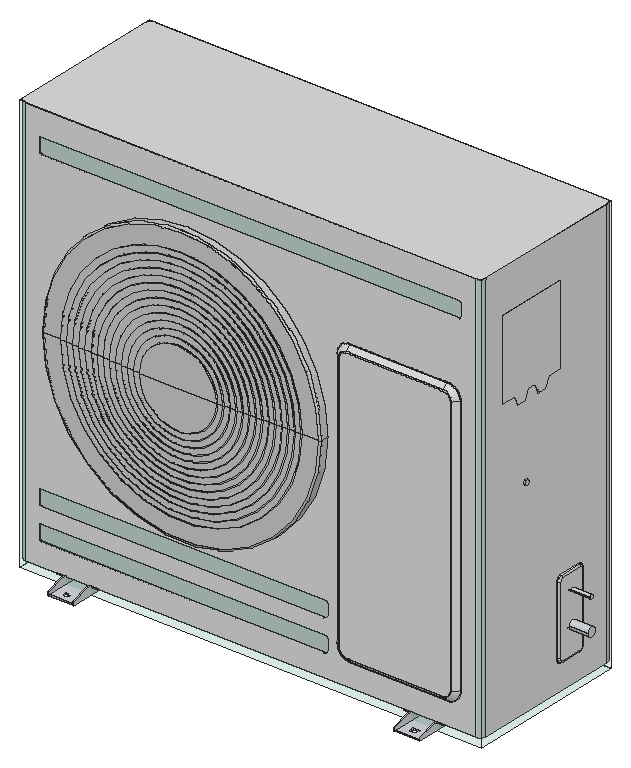
Revit family "EU_SINGLE_ODU_P_Ver.1.0", category Mechanical Equipment, Revit 2016
Family settings
  Part Type = Normal
  Round Connector Dimension = Use Diameter
  OmniClass Number = 23.75.00.00
  OmniClass Title = Climate Control (HVAC)
  Work Plane-Based = No
  Always vertical = Yes
  Cut with Voids When Loaded = No
  Shared = No
  Room Calculation Point = No
Parameters (values of type "Single Heat Pump, 7.1kW, 220-240, R32, AC071RNCDKG/EU")
  Water Flow Rate(HEATING) [instance] = "0.00 LPM"
  Water Flow Rate(COOLING) [instance] = "0.00 LPM"
  Water Connection Radius [instance] = "0.00 Φ, mm"
  Refrigerant High Pressure Gas Connection Radius [instance] = 0.00 mm
  Refrigerant High Pressure Gas Connection Left [instance] = 0.00 mm
  Refrigerant High Pressure Gas Connection Diameter [instance] = "0.00 mm"
  Refrigerant High Pressure Gas Connection Bottom [instance] = 0.00 mm
  Model/Referance Indoor Unit [instance] = "AC071RNCDKG/EU"
  Model = "AC071RXADKG/EU"
  Voltage [instance] = "220 V"
  URL = "www.samsung.com"
  Total Heating Capacity [instance] = 8.0 kW
  Total Cooling Capacity [instance] = 7.1 kW
  System Served = ""
  Subscribe for Update Alerts = ""
  Sound Pressure(Cooling) [instance] = "49.00 dB(A)"
  Sound Power(Cooling) [instance] = "65.00 dB(A)"
  Simultaneous Cooling and Heating Efficiency(SCOP) [instance] = "3.9 (A) SCOP"
  Serial Number = ""
  Sales Rep Locator = ""
  Refrigerant Type = "R32"
  Refrigerant Suction Gas Connection Radius [instance] = Refrigerant Suction Gas Connection Diameter / 2  # 7.94 mm
  Refrigerant Suction Gas Connection Offset Left [instance] = 208.678 mm
  Refrigerant Suction Gas Connection Offset Bottom [instance] = 121.50 mm
  Refrigerant Suction Gas Connection Diameter [instance] = 15.88 mm
  Refrigerant Liquid Connection Radius [instance] = Refrigerant Liquid Connection Diameter / 2  # 3.175 mm
  Refrigerant Liquid Connection Offset Left [instance] = 208.678 mm
  Refrigerant Liquid Connection Offset Bottom [instance] = 181.50 mm
  Refrigerant Liquid Connection Diameter [instance] = 6.35 mm
  Refrigerant Charge [instance] = 1.70 kg
  Product Page URL = ""
  Product Name [instance] = "Single"
  Product Documentation Link = ""
  Power Input Heationg [instance] = 3.05 kW
  Power Input Cooling [instance] = 2.87 kW
  Phase [instance] = "1"
  Operating Mode [instance] = "Heat pump"
  Number of poles [instance] = "-"
  Notes = ""
  Net Weight = 53.00 kg
  Minimum Circuit Ampere(MCA) [instance] = 17.5 A
  Maximum Vertical Refrigerant Pipe Length Below Unit [instance] = 30.00 mm
  Maximum Vertical Refrigerant Pipe Length Above Unit [instance] = 30.00 mm
  Maximum Rated Over Protection Device [instance] = "Fuse"
  Maximum Over Protection(MFA) [instance] = 20.6 A
  Max OperationPressure [instance] = "0.00 Mpa"
  Manufacturer Metadata = ""
  Manufacturer = "SAMSUNG"
  Low Temperature Heating Standard Rating Capacity [instance] = 0.0 kW
  Low Temperature Coefficient of Performance [instance] = "-"
  Location = ""
  Length of Interconnecting Refrigerant Pipe [instance] = 0.00 mm
  Integrated Energy Efficiency Ratio(SEER) [instance] = "5.6 (A++) CSPF"
  High Temperature Cooling Standard Rating Capacity [instance] = 0.0 kW
  High Temperature Coefficient of Performance [instance] = "-"
  Friction Head Loss [instance] = "0.00 kPa"
  Frequency [instance] = 50 Hz
  Free Content Downloads = ""
  Family Load Status [instance] = "Valid - Type loaded via type catalog"
  External Static Pressure [instance] = "0.00 mmAq"
  Equipment Finish [instance] = Ivory
  Energy Efficiency Rating [instance] = "2.47 EER"
  Discharge Air Flow [instance] = "51.00 CMM"
  Designation = ""
  Design Ambient Winter Wet Bulb Temperature [instance] = 6 °C
  Design Ambient Winter Dry Bulb Temperature [instance] = 7 °C
  Design Ambient Summer Dry Bulb Temperature [instance] = 35 °C
  Design Ambient Heating Water Outlet Temperature [instance] = "0.00 ℃"
  Design Ambient Heating Water Inlet Temperature [instance] = "0.00 ℃"
  Design Ambient Cooling Water Outlet Temperature [instance] = "0.00 ℃"
  Design Ambient Cooling Water Inlet Temperature [instance] = "0.00 ℃"
  Current Input Cooling [instance] = 12.4 A
  Current Input Heating [instance] = 13.2 A
  Net Dimensions Width [instance] = 880.00 mm
  Net Dimensions Heigh [instance] = 798.00 mm
  Net Dimensions Depth [instance] = 310.00 mm
  Power Connection Offset Left [instance] = 101.01 mm
  Power Connection Offset Bottom [instance] = 410.93 mm
  Power Connection Diameter [instance] = 7.413 mm
  Condenser Type [instance] = "-"
  Compressor Type [instance] = "Twin BLDC"
  Combination Ratio [instance] = "0 %"
  Coefficient of Performance [instance] = "2.62 COP"
  Clearance Value Instructions [instance] = "Enter clearance values based on project installation conditions using the relevant technical data book\r\nEnter clearance values based on project installation conditions using the relevant technical data book"
  Clearance Type [instance] = Include Clearance : Include Clearance
  Clearance Offset Top [instance] = 0.00 mm
  Clearance Offset Right [instance] = 0.00 mm
  Clearance Offset Left [instance] = 0.00 mm
  Clearance Offset Front [instance] = 0.00 mm
  Clearance Offset Back [instance] = 0.00 mm
  Actual Vertical Refrigerant Pipe Length Below Unit [instance] = 0.00 mm
  Actual Vertical Refrigerant Pipe Length Above Unit [instance] = 0.00 mm
Types (10, lengths in mm): name | Water Flow Rate(HEATING) | Water Flow Rate(COOLING) | Water Connection Radius | Refrigerant High Pressure Gas Connection Diameter | Model/Referance Indoor Unit | Model | Voltage | Total Heating Capacity | Total Cooling Capacity | Sound Power(Cooling) | Simultaneous Cooling and Heating Efficiency(SCOP) | Refrigerant Type | Refrigerant Charge | Product Name | Power Input Heationg | Power Input Cooling | Operating Mode | Minimum Circuit Ampere(MCA) | Maximum Vertical Refrigerant Pipe Length Below Unit | Maximum Vertical Refrigerant Pipe Length Above Unit | Maximum Over Protection(MFA) | Max OperationPressure | Integrated Energy Efficiency Ratio(SEER) | Friction Head Loss | Equipment Finish | Energy Efficiency Rating | Design Ambient Heating Water Outlet Temperature | Design Ambient Heating Water Inlet Temperature | Design Ambient Cooling Water Outlet Temperature | Design Ambient Cooling Water Inlet Temperature | Current Input Cooling | Current Input Heating | Condenser Type | Compressor Type | Coefficient of Performance
  (no name) | "0.00 LPM" | "0.00 LPM" | "0.00 Φ, mm" | "0.00 mm" | "AC071RNCDKG/EU" | "AC071RXADKG/EU" | "220 V" | 8.0 kW | 7.1 kW | "65.00 dB(A)" | "3.9 (A) SCOP" | "R32" | 1.70 kg | "Single" | 3.05 kW | 2.87 kW | "Heat pump" | 17.5 A | 30.00 | 30.00 | 20.6 A | "0.00 Mpa" | "5.6 (A++) CSPF" | "0.00 kPa" | Ivory | "2.47 EER" | "0.00 ℃" | "0.00 ℃" | "0.00 ℃" | "0.00 ℃" | 12.4 A | 13.2 A | "-" | "Twin BLDC" | "2.62 COP"
  6.80 kW, 220-240V, HEAT PUMP(구모델) | "" | "" | "" | "" | "" | "AC071MXADKH/EU" | "220-240 V" | 0.0 kW | 6.8 kW | "65.00 dB(A)" | "-" | "R410A" | 1.50 kg | "SINGLE OUTDOOR P" | 0 kW | 0 kW | "HEAT PUMP" | 0 A | 0.00 | 0.00 | 0 A | "" | "-" | "" | Ivory | "0.00 EER" | "" | "" | "" | "" | 0 A | 0 A | "" | "Twin BLDC Rotary" | "0.00 COP"
  6.80 kW, 220-240V, HEAT PUMP(신모델) | "" | "" | "" | "0.00 mm" | "" | "AC071MXASEH/EU" | "220-240 V" | 7.5 kW | 6.8 kW | "51.00 dB(A)" | "-" | "R410A" | 1.50 kg | "SINGLE P" | 2.35 kW | 2.3 kW | "HEAT PUMP" | 23.5 A | 30.00 | 30.00 | 25 A | "" | "-" | "" | Ivory | "2.96 EER" | "" | "" | "" | "" | 10.5 A | 10.4 A | "" | "Twin BLDC Rotary" | "3.19 COP"
  Single Heat Pump, 7.1kW, 220-240, R32, AC071RNNDKG/EU | "0.00 LPM" | "0.00 LPM" | "0.00 Φ, mm" | "0.00 mm" | "AC071RNNDKG/EU" | "AC071RXADKG/EU" | "220 V" | 7.5 kW | 6.8 kW | "65.00 dB(A)" | "3.8 (A) SCOP" | "R32" | 1.70 kg | "Single" | 2.8 kW | 2.75 kW | "Heat pump" | 17.5 A | 30.00 | 30.00 | 20.6 A | "0.00 Mpa" | "6.1 (A++) CSPF" | "0.00 kPa" | Earth brown | "2.47 EER" | "0.00 ℃" | "0.00 ℃" | "0.00 ℃" | "0.00 ℃" | 12 A | 12 A | "-" | "Twin BLDC" | "2.68 COP"
  Single Heat Pump, 7.1kW, 220-240, R32, AC071RN4DKG/EU | "0.00 LPM" | "0.00 LPM" | "0.00 Φ, mm" | "0.00 mm" | "AC071RN4DKG/EU" | "AC071RXADKG/EU" | "220 V" | 8.0 kW | 7.1 kW | "65.00 dB(A)" | "4.2 (A+) SCOP" | "R32" | 1.70 kg | "Single" | 2.45 kW | 2.38 kW | "Heat pump" | 17.5 A | 30.00 | 30.00 | 20.6 A | "0.00 Mpa" | "6.7 (A++) CSPF" | "0.00 kPa" | Ivory | "2.98 EER" | "0.00 ℃" | "0.00 ℃" | "0.00 ℃" | "0.00 ℃" | 10.3 A | 10.7 A | "-" | "Twin BLDC" | "3.27 COP"
  Single Heat Pump, 7.1kW, 220-240, R32, AC071RN4PKG/EU | "0.00 LPM" | "0.00 LPM" | "0.00 Φ, mm" | "0.00 mm" | "AC071RN4PKG/EU" | "AC071RXADKG/EU" | "220 V" | 8.0 kW | 7.1 kW | "65.00 dB(A)" | "4.2 (A+) SCOP" | "R32" | 1.70 kg | "Single" | 2.48 kW | 2.73 kW | "Heat pump" | 18 A | 30.00 | 30.00 | 20.6 A | "0.00 Mpa" | "6.7 (A++) CSPF" | "0.00 kPa" | Ivory | "2.6 EER" | "0.00 ℃" | "0.00 ℃" | "0.00 ℃" | "0.00 ℃" | 11.8 A | 10.7 A | "-" | "Twin BLDC" | "3.23 COP"
  Single Heat Pump, 7.1kW, 220-240, R32, AC071RNLDKG/EU | "0.00 LPM" | "0.00 LPM" | "0.00 Φ, mm" | "0.00 mm" | "AC071RNLDKG/EU" | "AC071RXADKG/EU" | "220 V" | 8.0 kW | 7.1 kW | "65.00 dB(A)" | "3.9 (A) SCOP" | "R32" | 1.70 kg | "Single" | 2.38 kW | 2.38 kW | "Heat pump" | 18.2 A | 30.00 | 30.00 | 20.6 A | "0.00 Mpa" | "6.0 (A+) CSPF" | "0.00 kPa" | Ivory | "2.98 EER" | "0.00 ℃" | "0.00 ℃" | "0.00 ℃" | "0.00 ℃" | 10.5 A | 10.4 A | "-" | "Twin BLDC" | "3.36 COP"
  Single Heat Pump, 7.1kW, 220-240, R32, AC071RNMDKG/EU | "0.00 LPM" | "0.00 LPM" | "0.00 Φ, mm" | "0.00 mm" | "AC071RNMDKG/EU" | "AC071RXADKG/EU" | "220 V" | 8.0 kW | 6.8 kW | "65.00 dB(A)" | "4.0 (A+) SCOP" | "R32" | 1.70 kg | "Single" | 2.5 kW | 2.32 kW | "Heat pump" | 19 A | 30.00 | 30.00 | 20.9 A | "0.00 Mpa" | "6.1 (A++) CSPF" | "0.00 kPa" | Ivory | "2.93 EER" | "0.00 ℃" | "0.00 ℃" | "0.00 ℃" | "0.00 ℃" | 10.4 A | 10.8 A | "-" | "Twin BLDC" | "3.2 COP"
  Single Heat Pump, 7.1kW, 220-240, R32, AC071RNADKG/EU | "0.00 LPM" | "0.00 LPM" | "0.00 Φ, mm" | "0.00 mm" | "AC071RNADKG/EU" | "AC071RXADKG/EU" | "220 V" | 8.0 kW | 7.1 kW | "65.00 dB(A)" | "4.0 (A+) SCOP" | "R32" | 1.70 kg | "Single" | 2.45 kW | 2.35 kW | "Heat pump" | 18.1 A | 30.00 | 30.00 | 20.6 A | "0.00 Mpa" | "6.4 (A++) CSPF" | "0.00 kPa" | Ivory | "3.02 EER" | "0.00 ℃" | "0.00 ℃" | "0.00 ℃" | "0.00 ℃" | 10.3 A | 10.7 A | "-" | "Twin BLDC" | "3.27 COP"
  Single Heat Pump, 7.1kW, 220-240, R32, AC071RNCDKG/EU | "0.00 LPM" | "0.00 LPM" | "0.00 Φ, mm" | "0.00 mm" | "AC071RNCDKG/EU" | "AC071RXADKG/EU" | "220 V" | 8.0 kW | 7.1 kW | "65.00 dB(A)" | "3.9 (A) SCOP" | "R32" | 1.70 kg | "Single" | 3.05 kW | 2.87 kW | "Heat pump" | 17.5 A | 30.00 | 30.00 | 20.6 A | "0.00 Mpa" | "5.6 (A++) CSPF" | "0.00 kPa" | Ivory | "2.47 EER" | "0.00 ℃" | "0.00 ℃" | "0.00 ℃" | "0.00 ℃" | 12.4 A | 13.2 A | "-" | "Twin BLDC" | "2.62 COP"
Reference planes
  plane 1 "Center (Front/Back)": y = 0
  plane 2: z = 0
  plane 3 "Center (Left/Right)": x = 0
  plane 4 "c": x = -440
  plane 5 "d": x = 440
  plane 6: x = -329.514
  plane 7: x = 330.712
  plane 8 "1": z = 428.174
  plane 9: x = -119.774
  plane 10: y = 54.771
  plane 11 "2": z = 181.5
  plane 12 "3": z = 121.5
  plane 13: z = 410.933
  plane 14 "b": y = -155
  plane 15 "a": y = 155
  plane 16: z = 798
  plane 17: y = -199.628
  plane 18: y = -153.908
  plane 19: z = 410.93
  plane 20: x = 541.01
  plane 21: z = 410.93
Forms (mm)
  Extrusion 1, solid, material "기본값1"
    sketch origin (0, 0, 0) x (1, 0, 0) y (0, 1, 0)
      loop
        arc (-428.57, 155) -> (-436.652, 151.652) -> (-440, 143.57) r 11.43
        line (-440, 143.57) -> (-440, -143.57)
        arc (-440, -143.57) -> (-436.652, -151.652) -> (-428.57, -155) r 11.43
        line (-428.57, -155) -> (428.584, -155)
        arc (428.584, -155) -> (436.463, -151.851) -> (440, -144.138) r 11.43
        line (440, -144.138) -> (440, 142.435)
        arc (440, 142.435) -> (437.101, 151.24) -> (428.626, 155) r 11.43
        line (428.626, 155) -> (-428.57, 155)
    from 15.6 to 798
  Extrusion 2, solid
    sketch origin (0, 0, 0) x (1, 0, 0) y (0, 1, 0)
      loop
        line (-353.357, 175.965) -> (-353.357, -195.036) -> (-306.747, -195.036) -> (-306.747, 175.965) -> (-353.357, 175.965)
      loop
        line (353.479, 175.965) -> (306.868, 175.965) -> (306.868, -195.036) -> (353.479, -195.036) -> (353.479, 175.965)
    from 0 to 2
  Extrusion 3, solid
    sketch origin (0, 0, 0) x (1, 0, 0) y (0, 0, 1)
      loop
        line (-369.294, 15.6) -> (-369.294, 14) -> (-355.104, 14) -> (-355.104, 15.6) -> (-369.294, 15.6)
      loop
        line (-290.81, 15.6) -> (-305, 15.6) -> (-305, 14) -> (-290.81, 14) -> (-290.81, 15.6)
      loop
        line (290.932, 15.6) -> (290.932, 14) -> (305.121, 14) -> (305.121, 15.6) -> (290.932, 15.6)
      loop
        line (369.416, 15.6) -> (355.226, 15.6) -> (355.226, 14) -> (369.416, 14) -> (369.416, 15.6)
    from -155 to 155
  Extrusion 4, solid
    sketch origin (0, 0, 0) x (0, 1, 0) y (0, 0, 1)
      loop
        line (-195.036, 5) -> (-195.036, 0) -> (177.021, 0) -> (177.021, 4.931) -> (142.88, 15.6) -> (-161.116, 15.6) -> (-195.036, 5)
    from 353.479 to 355.226
  Extrusion 5, solid
    sketch origin (-48.357, 0.079, 0) x (0, 1, 0) y (0, 0, 1)
      loop
        line (-195.036, 5) -> (-195.036, 0) -> (177.021, 0) -> (177.021, 4.931) -> (142.88, 15.6) -> (-161.116, 15.6) -> (-195.036, 5)
    from 353.479 to 355.226
  Extrusion 6, solid
    sketch origin (0.121, 0, 0) x (0, 1, 0) y (0, 0, -1)
      loop
        line (-195.036, -5) -> (-161.116, -15.6) -> (142.88, -15.6) -> (177.021, -4.931) -> (177.021, 0) -> (-195.036, 0) -> (-195.036, -5)
    from 353.479 to 355.226
  Extrusion 7, solid
    sketch origin (48.479, 0.079, 0) x (0, 1, 0) y (0, 0, -1)
      loop
        line (-195.036, -5) -> (-161.116, -15.6) -> (142.88, -15.6) -> (177.021, -4.931) -> (177.021, 0) -> (-195.036, 0) -> (-195.036, -5)
    from 353.479 to 355.226
  Extrusion 8, void
    sketch origin (0, 0, 0) x (1, 0, 0) y (0, 1, 0)
      loop
        arc (-323.514, 160.947) -> (-329.514, 166.947) -> (-335.514, 160.947) r 6
        line (-335.514, 160.947) -> (-335.514, 156.918) -> (-323.514, 156.918) -> (-323.514, 160.947)
    from -33.724 to 26.6
  Extrusion 9, void
    sketch origin (1.191, 0, 0) x (-1, 0, 0) y (0, -1, 0)
      loop
        line (-323.635, -162.019) -> (-323.635, -156.918) -> (-335.635, -156.918) -> (-335.635, -162.019)
        arc (-335.635, -162.019) -> (-329.635, -168.019) -> (-323.635, -162.019) r 6
    from -33.724 to 26.6
  Extrusion 10, void
    sketch origin (0, -18.909, 0) x (1, 0, 0) y (0, 1, 0)
      loop
        line (-323.514, -160.947) -> (-323.514, -156.918) -> (-335.514, -156.918) -> (-335.514, -160.947)
        arc (-335.514, -160.947) -> (-329.514, -166.947) -> (-323.514, -160.947) r 6
    from -33.724 to 26.6
  Extrusion 11, void
    sketch origin (1.191, -16.794, 0) x (-1, 0, 0) y (0, -1, 0)
      loop
        arc (-323.635, 162.019) -> (-329.635, 168.019) -> (-335.635, 162.019) r 6
        line (-335.635, 162.019) -> (-335.635, 156.918) -> (-323.635, 156.918) -> (-323.635, 162.019)
    from -33.724 to 26.6
  Revolve 12, solid, material "기본값2"
    sketch origin (0, 0, 428.174) x (0, -1, 0) y (1, 0, 0)
      loop
        line (155, -385.655) -> (167.929, -385.655)
        arc (167.929, -385.655) -> (170.091, -384.76) -> (170.987, -382.598) r 3.058
        line (170.987, -382.598) -> (170.987, -349.57) -> (171.487, -348.704) -> (171.487, -337.511) -> (171.987, -336.645) -> (171.987, -325.493) -> (172.487, -324.627) -> (172.487, -313.499) -> (172.987, -312.633) -> (172.987, -301.474) -> (173.487, -300.608) -> (173.487, -289.441) -> (173.987, -288.575) -> (173.987, -277.493) -> (174.487, -276.627) -> (174.487, -265.461) -> (174.987, -264.747) -> (174.987, -253.46) -> (175.486, -252.821) -> (175.486, -241.442) -> (175.987, -240.802) -> (175.987, -229.459) -> (176.487, -228.819) -> (176.487, -217.464) -> (176.987, -216.75) -> (176.987, -205.435) -> (177.487, -204.721) -> (177.487, -193.482) -> (177.987, -192.768) -> (177.987, -119.774) -> (155, -119.774) -> (155, -385.655)
      axis (177.987, -119.774) -> (155, -119.774)
    angle from 0 to 360
  Extrusion 13, void
    sketch origin (0, 0, 0) x (1, 0, 0) y (0, 0, 1)
      loop
        line (-403, 745.45) -> (-403, 724.45)
        arc (-403, 724.45) -> (-401.536, 720.914) -> (-398, 719.45) r 5
        line (-398, 719.45) -> (396.994, 719.45)
        arc (396.994, 719.45) -> (400.53, 720.914) -> (401.994, 724.45) r 5
        line (401.994, 724.45) -> (401.994, 745.45)
        arc (401.994, 745.45) -> (400.53, 748.986) -> (396.994, 750.45) r 5
        line (396.994, 750.45) -> (-398, 750.45)
        arc (-398, 750.45) -> (-401.536, 748.986) -> (-403, 745.45) r 5
      loop
        line (-403, 144.046) -> (-403, 123.046)
        arc (-403, 123.046) -> (-401.536, 119.51) -> (-398, 118.046) r 5
        line (-398, 118.046) -> (143, 118.046)
        arc (143, 118.046) -> (146.536, 119.51) -> (148, 123.046) r 5
        line (148, 123.046) -> (148, 144.046)
        arc (148, 144.046) -> (146.536, 147.581) -> (143, 149.046) r 5
        line (143, 149.046) -> (-398, 149.046)
        arc (-398, 149.046) -> (-401.536, 147.581) -> (-403, 144.046) r 5
      loop
        line (143, 89.846) -> (-398, 89.846)
        arc (-398, 89.846) -> (-401.536, 88.381) -> (-403, 84.846) r 5
        line (-403, 84.846) -> (-403, 63.846)
        arc (-403, 63.846) -> (-401.536, 60.31) -> (-398, 58.846) r 5
        line (-398, 58.846) -> (143, 58.846)
        arc (143, 58.846) -> (146.536, 60.31) -> (148, 63.846) r 5
        line (148, 63.846) -> (148, 84.846)
        arc (148, 84.846) -> (146.536, 88.381) -> (143, 89.846) r 5
    from 153.908 to 199.628
  Extrusion 14, solid, material "기본값1"
    sketch origin (0, 0, 0) x (1, 0, 0) y (0, 0, 1)
      loop
        arc (190, 591.932) -> (180.396, 587.954) -> (176.418, 578.35) r 13.582
        line (176.418, 578.35) -> (176.418, 83.846)
        arc (176.418, 83.846) -> (180.396, 74.242) -> (190, 70.264) r 13.582
        line (190, 70.264) -> (375, 70.264)
        arc (375, 70.264) -> (384.604, 74.242) -> (388.582, 83.846) r 13.582
        line (388.582, 83.846) -> (388.582, 578.35)
        arc (388.582, 578.35) -> (384.604, 587.954) -> (375, 591.932) r 13.582
        line (375, 591.932) -> (190, 591.932)
    from 155 to 165
  Extrusion 15, solid
    sketch origin (459.529, 0, 0) x (0, 0, -1) y (0, -1, 0)
      loop
        circle (-410.933, 52.898) r 3.706
    from 14.353 to 19.529
  Sweep 16, solid, material "기본값1"
    path origin (0, -155, 0) x (0, 0, -1) y (1, 0, 0)
      loop
        line (-591.932, 375) -> (-591.932, 190)
        arc (-591.932, 190) -> (-587.954, 180.396) -> (-578.35, 176.418) r 13.582
        line (-578.35, 176.418) -> (-83.846, 176.418)
        arc (-83.846, 176.418) -> (-74.242, 180.396) -> (-70.264, 190) r 13.582
        line (-70.264, 190) -> (-70.264, 375)
        arc (-70.264, 375) -> (-74.242, 384.604) -> (-83.846, 388.582) r 13.582
        line (-83.846, 388.582) -> (-578.35, 388.582)
        arc (-578.35, 388.582) -> (-587.954, 384.604) -> (-591.932, 375) r 13.582
    profile origin (282.5, -155, 591.932) x (0, 0, -1) y (0, -1, 0)
      loop
        arc (-10.243, 0.586) -> (-10.891, 0.152) -> (-11.657, 0) r 2
        line (-11.657, 0) -> (0, 0) -> (0, 10)
        arc (0, 10) -> (-0.765, 9.848) -> (-1.414, 9.414) r 2
        line (-1.414, 9.414) -> (-10.243, 0.586)
  Extrusion 17, solid, material "기본값1"
    sketch origin (-39.198, 0, 0) x (0, 1, 0) y (0, 0, 1)
      loop
        arc (32.101, 210.358) -> (29.144, 209.133) -> (27.918, 206.175) r 4.183
        line (27.918, 206.175) -> (27.918, 76.22)
        arc (27.918, 76.22) -> (30.08, 71.001) -> (35.299, 68.84) r 7.38
        line (35.299, 68.84) -> (72.368, 68.84)
        arc (72.368, 68.84) -> (76.859, 70.699) -> (78.718, 75.19) r 6.35
        line (78.718, 75.19) -> (78.718, 206.191)
        arc (78.718, 206.191) -> (77.498, 209.137) -> (74.551, 210.358) r 4.167
        line (74.551, 210.358) -> (32.101, 210.358)
    from 479.198 to 483.782
  Sweep 18, solid, material "기본값1"
    path origin (440, 0, 0) x (0, -1, 0) y (0, 0, 1)
      loop
        line (-32.101, 210.358) -> (-74.551, 210.358)
        arc (-74.551, 210.358) -> (-77.498, 209.137) -> (-78.718, 206.191) r 4.167
        line (-78.718, 206.191) -> (-78.718, 75.19)
        arc (-78.718, 75.19) -> (-76.859, 70.699) -> (-72.368, 68.84) r 6.35
        line (-72.368, 68.84) -> (-35.299, 68.84)
        arc (-35.299, 68.84) -> (-30.08, 71.001) -> (-27.918, 76.22) r 7.38
        line (-27.918, 76.22) -> (-27.918, 206.175)
        arc (-27.918, 206.175) -> (-29.144, 209.133) -> (-32.101, 210.358) r 4.183
    profile origin (440, 53.326, 210.358) x (0, 0, -1) y (-1, 0, 0)
      loop
        line (0, 0) -> (-5.766, 0) -> (-3.815, -2.611)
        arc (-3.815, -2.611) -> (-2.147, -4.017) -> (0, -4.409) r 4.249
        line (0, -4.409) -> (0, 0)
  Extrusion 19, solid, material "기본값1"
    sketch origin (440, 0, 0) x (0, -1, 0) y (0, 0, 1)
      loop
        line (107.647, 719) -> (-29.271, 719) -> (-29.271, 713.347) -> (-28.471, 713.347) -> (-28.471, 588.947) -> (-29.271, 588.947) -> (-29.271, 567.6) -> (-1.271, 567.6) -> (6.229, 549.6) -> (22.229, 549.6) -> (29.729, 567.6) -> (46.729, 567.6) -> (54.229, 549.6) -> (70.229, 549.6) -> (77.729, 567.6) -> (107.647, 567.6) -> (107.647, 588.947) -> (106.847, 588.947) -> (106.847, 710.447) -> (107.647, 710.447) -> (107.647, 719)
    from -2.191 to 0
  Extrusion 20, solid
    sketch origin (440, 0, 0) x (0, -1, 0) y (0, 0, 1)
      loop
        circle (-54.771, 181.5) r 3.175
    from 0 to -42
  Extrusion 21, solid
    sketch origin (440, 0, 0) x (0, -1, 0) y (0, 0, 1)
      loop
        circle (-54.771, 121.5) r 7.94
    from 0 to -42
Cuts and joins
  Extrusion 8, Extrusion 9, Extrusion 10, Extrusion 11, Extrusion 13 cuts Extrusion 1
  Extrusion 8, Extrusion 9, Extrusion 10, Extrusion 11 cuts Extrusion 2
Lines and regions (mm)
  model lines
    curve 1: line (457.702, 0, 175.15) -> (468.686, 0, 175.15)
    curve 2: line (453.554, 0, 129) -> (464.672, 0, 129)
Dimensions and locks
  "Net Dimensions Width": plane 4 "c" to plane 5 "d"
  plane 6 to plane 7 = 660.226 mm
  equal spacing: plane 4 "c", plane 3 "Center (Left/Right)", plane 5 "d"
  "Net Dimensions Depth": plane 14 "b" to plane 15 "a"
  plane 14 "b" to plane 15 "a" = 310.00 mm
  equal spacing: plane 14 "b", plane 1 "Center (Front/Back)", plane 15 "a"
  "Net Dimensions Heigh": plane 16 to level
  locked: Revolve 12 sketch curve to Revolve 12 sketch curve at 265.881
  locked: Extrusion 14 to Extrusion 14 at 10
  locked: cut or joined group of Extrusion 1, Extrusion 8, Extrusion 9, Extrusion 10, Extrusion 11, Extrusion 13 to Extrusion 17 at 4.584
  locked: plane 5 "d" to Extrusion 15 at 5.176
  locked: plane 17 to plane 18 at 45.72
  locked: plane 14 "b" to plane 18 at 1.092
  locked: plane 5 "d" to Extrusion 19 at 2.191
  "Power Connection Offset Bottom": plane 19 to level
  "Power Connection Offset Left": plane 5 "d" to plane 20
  "Refrigerant Liquid Connection Offset Left": plane 18 to Extrusion 20 sketch curve
  "Refrigerant Suction Gas Connection Offset Left": plane 18 to Extrusion 21 sketch curve
  "Refrigerant Suction Gas Connection Offset Bottom": plane 12 "3" to level
  "Refrigerant Liquid Connection Offset Bottom": plane 11 "2" to level
  "Power Connection Offset Left": plane 18 to Extrusion 15 sketch curve
  locked: Extrusion 17 sketch curve to Extrusion 17 sketch curve at 50.8
  locked: plane 18 to Extrusion 17 sketch curve at 181.826
  locked: Sweep 18 sketch curve to Sweep 18 sketch curve at 50.8
  locked: plane 18 to Sweep 18 sketch curve at 181.826
  "Power Connection Offset Bottom": plane 21 to level
  locked: Extrusion 1 sketch curve to Extrusion 1 sketch curve (radius 11.43 mm)  (x4)
  "Refrigerant Liquid Connection Diameter": diameter of Extrusion 20 sketch curve
  "Refrigerant Suction Gas Connection Diameter": diameter of Extrusion 21 sketch curve
  "Power Connection Diameter": diameter of Extrusion 15 sketch curve
  radius of Extrusion 17 sketch curve = 4.183 mm
  radius of Extrusion 17 sketch curve = 4.167 mm
  radius of Extrusion 17 sketch curve = 7.38 mm
  radius of Extrusion 17 sketch curve = 6.35 mm
  radius of Sweep 18 sketch curve = 4.183 mm
  radius of Sweep 18 sketch curve = 4.167 mm
  radius of Sweep 18 sketch curve = 7.38 mm
  radius of Sweep 18 sketch curve = 6.35 mm
  aligned and locked: level to plane 2
  aligned and locked: Extrusion 1 sketch curve to plane 14 "b"
  aligned and locked: plane 15 "a" to Extrusion 1 sketch curve
  aligned and locked: Extrusion 1 sketch curve to plane 4 "c"
  aligned and locked: plane 5 "d" to Extrusion 1 sketch curve
  aligned and locked: cut or joined group of Extrusion 1, Extrusion 8, Extrusion 9, Extrusion 10, Extrusion 11, Extrusion 13 to plane 16
  aligned and locked: plane 14 "b" to Revolve 12 sketch curve
  aligned and locked: Extrusion 3 to plane 15 "a"
  aligned and locked: plane 14 "b" to Extrusion 3
  aligned and locked: plane 5 "d" to Extrusion 15
  aligned and locked: Extrusion 14 to Extrusion 3
  aligned and locked: plane 5 "d" to Extrusion 17
  aligned and locked: Extrusion 15 to cut or joined group of Extrusion 1, Extrusion 8, Extrusion 9, Extrusion 10, Extrusion 11, Extrusion 13
  aligned and locked: Extrusion 13 to plane 17
  aligned and locked: Extrusion 13 to plane 18
  aligned and locked: plane 5 "d" to Extrusion 19
  aligned and locked: plane 1 "Center (Front/Back)" to nested 1
  aligned and locked: plane 3 "Center (Left/Right)" to nested 1
  aligned and locked: plane 1 "Center (Front/Back)" to nested 2
  aligned and locked: plane 3 "Center (Left/Right)" to nested 2
Automatic sketch dimensions
  curve 2 to plane 5 "d" = 13.554 mm
  plane 12 "3" to curve 2 = 7.50 mm
  curve 1 to plane 11 "2" = 6.35 mm
  curve 1 to plane 5 "d" = 17.702 mm
  curve 2 to curve 2 = 11.118 mm
  curve 1 to curve 1 = 10.985 mm
  Extrusion 1 sketch curve to Extrusion 1 sketch curve = 11.416 mm
  Extrusion 1 sketch curve to Extrusion 1 sketch curve = 11.374 mm
  plane 17 to Extrusion 2 sketch curve = 4.592 mm  (x2)
  plane 6 to Extrusion 2 sketch curve = 23.843 mm
  Extrusion 2 sketch curve to plane 6 = 22.767 mm
  plane 7 to Extrusion 2 sketch curve = 23.843 mm
  Extrusion 2 sketch curve to plane 7 = 22.767 mm
  Extrusion 2 sketch curve to plane 15 "a" = 20.965 mm  (x2)
  level to Extrusion 3 sketch curve = 14.00 mm  (x3)
  plane 6 to Extrusion 3 sketch curve = 39.78 mm
  Extrusion 3 sketch curve to Extrusion 3 sketch curve = 14.19 mm  (x4)
  Extrusion 3 sketch curve to plane 6 = 24.514 mm
  level to Extrusion 3 sketch curve = 15.60 mm
  plane 7 to Extrusion 3 sketch curve = 39.78 mm
  Extrusion 3 sketch curve to plane 7 = 24.514 mm
  Extrusion 3 sketch curve to Extrusion 3 sketch curve = 1.60 mm  (x4)
  Extrusion 4 sketch curve to level = 0.00 mm
  plane 17 to Extrusion 4 sketch curve = 4.592 mm
  plane 14 "b" to Extrusion 4 sketch curve = 6.116 mm
  plane 15 "a" to Extrusion 4 sketch curve = 12.12 mm
  level to Extrusion 4 sketch curve = 4.931 mm
  Extrusion 4 sketch curve to plane 15 "a" = 22.021 mm
  level to Extrusion 4 sketch curve = 5.00 mm
  level to Extrusion 4 sketch curve = 15.60 mm
  Extrusion 5 sketch curve to level = 0.00 mm
  plane 17 to Extrusion 5 sketch curve = 4.67 mm
  plane 14 "b" to Extrusion 5 sketch curve = 6.038 mm
  plane 15 "a" to Extrusion 5 sketch curve = 12.041 mm
  level to Extrusion 5 sketch curve = 4.931 mm
  Extrusion 5 sketch curve to plane 15 "a" = 22.10 mm
  Extrusion 5 sketch curve to Extrusion 5 sketch curve = 5.00 mm
  level to Extrusion 5 sketch curve = 15.60 mm
  Extrusion 6 sketch curve to level = 0.00 mm
  plane 17 to Extrusion 6 sketch curve = 4.592 mm
  plane 14 "b" to Extrusion 6 sketch curve = 6.116 mm
  plane 15 "a" to Extrusion 6 sketch curve = 12.12 mm
  level to Extrusion 6 sketch curve = 4.931 mm
  Extrusion 6 sketch curve to plane 15 "a" = 22.021 mm
  Extrusion 6 sketch curve to Extrusion 6 sketch curve = 5.00 mm
  level to Extrusion 6 sketch curve = 15.60 mm
  Extrusion 7 sketch curve to level = 0.00 mm
  plane 17 to Extrusion 7 sketch curve = 4.67 mm
  plane 14 "b" to Extrusion 7 sketch curve = 6.038 mm
  plane 15 "a" to Extrusion 7 sketch curve = 12.041 mm
  level to Extrusion 7 sketch curve = 4.931 mm
  Extrusion 7 sketch curve to plane 15 "a" = 22.10 mm
  level to Extrusion 7 sketch curve = 5.00 mm
  level to Extrusion 7 sketch curve = 15.60 mm
  Extrusion 8 sketch curve to plane 6 = 0.00 mm
  Extrusion 8 sketch curve to plane 15 "a" = 1.918 mm
  plane 6 to Extrusion 8 sketch curve = 6.00 mm
  Extrusion 8 sketch curve to Extrusion 8 sketch curve = 4.029 mm
  plane 15 "a" to Extrusion 9 sketch curve = 1.918 mm
  plane 7 to Extrusion 9 sketch curve = 6.114 mm
  plane 7 to Extrusion 9 sketch curve = 0.114 mm
  Extrusion 9 sketch curve to Extrusion 9 sketch curve = 5.101 mm
  Extrusion 10 sketch curve to plane 6 = 0.00 mm
  Extrusion 10 sketch curve to plane 6 = 6.00 mm
  Extrusion 10 sketch curve to plane 14 "b" = 20.827 mm
  Extrusion 10 sketch curve to Extrusion 10 sketch curve = 4.029 mm
  Extrusion 11 sketch curve to plane 7 = 6.114 mm
  Extrusion 11 sketch curve to plane 7 = 0.114 mm
  plane 14 "b" to Extrusion 11 sketch curve = 18.712 mm
  Extrusion 11 sketch curve to Extrusion 11 sketch curve = 5.101 mm
  Revolve 12 sketch curve to plane 9 = 0.00 mm  (x2)
  plane 14 "b" to Revolve 12 sketch curve = 12.929 mm
  plane 14 "b" to Revolve 12 sketch curve = 15.987 mm
  Revolve 12 sketch curve to Revolve 12 sketch curve = 0.50 mm  (x11)
  Revolve 12 sketch curve to plane 6 = 4.021 mm
  Revolve 12 sketch curve to Revolve 12 sketch curve = 0.499 mm
  Revolve 12 sketch curve to Revolve 12 sketch curve = 0.501 mm
  plane 17 to Revolve 12 sketch curve = 21.641 mm
  plane 6 to Revolve 12 sketch curve = 20.056 mm
  Revolve 12 sketch curve to Revolve 12 sketch curve = 0.866 mm  (x7)
  plane 6 to Revolve 12 sketch curve = 7.996 mm
  Revolve 12 sketch curve to Revolve 12 sketch curve = 11.127 mm
  Revolve 12 sketch curve to Revolve 12 sketch curve = 11.159 mm
  Revolve 12 sketch curve to Revolve 12 sketch curve = 11.167 mm
  Revolve 12 sketch curve to Revolve 12 sketch curve = 11.082 mm
  Revolve 12 sketch curve to Revolve 12 sketch curve = 11.165 mm
  Revolve 12 sketch curve to Revolve 12 sketch curve = 0.714 mm  (x4)
  Revolve 12 sketch curve to Revolve 12 sketch curve = 11.287 mm
  Revolve 12 sketch curve to Revolve 12 sketch curve = 0.639 mm
  Revolve 12 sketch curve to Revolve 12 sketch curve = 11.379 mm
  Revolve 12 sketch curve to Revolve 12 sketch curve = 0.641 mm
  Revolve 12 sketch curve to Revolve 12 sketch curve = 11.343 mm
  Revolve 12 sketch curve to Revolve 12 sketch curve = 0.64 mm
  Revolve 12 sketch curve to Revolve 12 sketch curve = 11.355 mm
  Revolve 12 sketch curve to Revolve 12 sketch curve = 11.315 mm
  Revolve 12 sketch curve to Revolve 12 sketch curve = 11.239 mm
  Revolve 12 sketch curve to plane 15 "a" = 3295.648 mm
  Revolve 12 sketch curve to plane 17 = 3304.216 mm
  plane 12 "3" to Extrusion 13 sketch curve = 1.546 mm  (x2)
  Extrusion 13 sketch curve to plane 4 "c" = 37.00 mm  (x3)
  Extrusion 13 sketch curve to Extrusion 13 sketch curve = 5.00 mm  (x7)
  Extrusion 13 sketch curve to plane 12 "3" = 3.454 mm
  plane 12 "3" to Extrusion 13 sketch curve = 27.546 mm
  plane 3 "Center (Left/Right)" to Extrusion 13 sketch curve = 143.00 mm
  Extrusion 13 sketch curve to Extrusion 13 sketch curve = 0.00 mm  (x4)
  plane 5 "d" to Extrusion 13 sketch curve = 43.006 mm
  Extrusion 13 sketch curve to Extrusion 13 sketch curve = 28.20 mm
  Extrusion 13 sketch curve to Extrusion 13 sketch curve = 21.00 mm  (x2)
  plane 16 to Extrusion 13 sketch curve = 78.55 mm
  Extrusion 14 sketch curve to plane 12 "3" = 37.654 mm
  plane 7 to Extrusion 14 sketch curve = 154.293 mm
  Extrusion 14 sketch curve to Extrusion 14 sketch curve = 13.582 mm  (x3)
  Extrusion 14 sketch curve to plane 7 = 44.288 mm  (x2)
  Extrusion 14 sketch curve to plane 8 "1" = 150.176 mm
  Sweep 16 sketch curve to plane 7 = 44.288 mm
  Sweep 16 sketch curve to plane 8 "1" = 163.758 mm
  Sweep 16 sketch curve to Sweep 16 sketch curve = 13.582 mm  (x3)
  Sweep 16 sketch curve to plane 12 "3" = 37.654 mm  (x2)
  plane 7 to Sweep 16 sketch curve = 140.712 mm
  Sweep 16 sketch curve to plane 14 "b" = 0.00 mm
  Sweep 16 sketch curve to profile plane = 0.00 mm
  profile plane to Sweep 16 sketch curve = 1.414 mm
  plane 14 "b" to Sweep 16 sketch curve = 0.586 mm
  profile plane to Sweep 16 sketch curve = 10.243 mm
  Sweep 16 sketch curve to Sweep 16 sketch curve = 1.414 mm  (x2)
  plane 14 "b" to Sweep 16 sketch curve = 2.00 mm
  Sweep 16 sketch curve to Sweep 16 sketch curve = 8.00 mm
  Sweep 16 sketch curve to Sweep 16 sketch curve = 0.00 mm
  Sweep 18 sketch curve to plane 12 "3" = 52.66 mm
  plane 11 "2" to Sweep 18 sketch curve = 24.675 mm
  plane 5 "d" to Sweep 18 sketch curve = 0.00 mm
  Sweep 18 sketch curve to profile plane = 0.00 mm
  profile plane to Sweep 18 sketch curve = 0.335 mm
  profile plane to Sweep 18 sketch curve = 3.815 mm
  Sweep 18 sketch curve to Sweep 18 sketch curve = 1.95 mm
  Sweep 18 sketch curve to plane 5 "d" = 0.174 mm
  Sweep 18 sketch curve to plane 5 "d" = 2.611 mm
  Extrusion 19 sketch curve to Extrusion 19 sketch curve = 0.80 mm  (x4)
  Extrusion 19 sketch curve to plane 1 "Center (Front/Back)" = 1.271 mm
  plane 1 "Center (Front/Back)" to Extrusion 19 sketch curve = 6.229 mm
  Extrusion 19 sketch curve to Extrusion 19 sketch curve = 16.00 mm  (x2)
  Extrusion 19 sketch curve to Extrusion 19 sketch curve = 7.50 mm  (x3)
  Extrusion 19 sketch curve to Extrusion 19 sketch curve = 17.00 mm
  Extrusion 19 sketch curve to plane 18 = 47.061 mm
  Extrusion 19 sketch curve to Extrusion 19 sketch curve = 121.50 mm
  Extrusion 19 sketch curve to Extrusion 19 sketch curve = 21.346 mm  (x2)
  Extrusion 19 sketch curve to Extrusion 19 sketch curve = 0.00 mm  (x2)
  Extrusion 19 sketch curve to Extrusion 19 sketch curve = 18.00 mm  (x2)
  plane 10 to Extrusion 19 sketch curve = 26.299 mm
  Extrusion 19 sketch curve to plane 8 "1" = 121.426 mm
  plane 16 to Extrusion 19 sketch curve = 84.653 mm
  Extrusion 19 sketch curve to Extrusion 19 sketch curve = 5.654 mm
  Extrusion 17 sketch curve to plane 12 "3" = 52.66 mm
  plane 11 "2" to Extrusion 17 sketch curve = 24.675 mm
  Extrusion 17 sketch curve to Extrusion 17 sketch curve = 0.00 mm
  Extrusion 15 sketch curve to plane 13 = 0.00 mm
  Extrusion 20 sketch curve to plane 11 "2" = 0.00 mm
  Extrusion 21 sketch curve to plane 12 "3" = 0.00 mm
Nested families
  nested 1: "Include Clearance" at (0, 0, 0), type <- "Clearance Type", type "Include Clearance"
    with Equipment Finish none, Width 310.00 mm, Length 880.00 mm, Height 798.00 mm
  nested 2: "Do not Include Clearance" at (0, 0, 0), type "Do not Include Clearance"
    with Equipment Finish Default, Width 880.00 mm, Height 798.00 mm, Depth 310.00 mm
Connectors
  electrical at (445.176, -52.898, 410.933)
    settings: on Extrusion 15, index 3, voltage 0 V, apparent load 0 VA, apparent load phase1 0 VA, apparent load phase2 0 VA, apparent load phase3 0 VA, power factor 1, load classification "기타", number of poles 1, system type 30, power factor state 1, is connector primary yes, connector utility no, sub classification motor no, connector description ""
  piping at (482, 54.771, 181.5), diameter 6.35, driven by "Refrigerant Liquid Connection Diameter"
    settings: on Extrusion 20, index 4, connector inside diameter 24", connector length 0.00 mm, flow factor 0, pipe flow 0 GPM, pressure drop 0.00 psi, fitting loss kfactor 0, connector angle 0.00°, fixture units 0, engagement length 0.00 mm, angle of deflection 0.00°, flow configuration 0, flow direction 0, fitting loss method 0, system type 29, joint type 0, gender type 0, connector reference index -1, connector utility 0, adjustable connector no, is connector primary yes, connector description ""
  piping at (482, 54.771, 121.5), diameter 15.88, driven by "Refrigerant Suction Gas Connection Diameter"
    settings: on Extrusion 21, index 5, connector inside diameter 24", connector length 0.00 mm, flow factor 0, pipe flow 0 GPM, pressure drop 0.00 psi, fitting loss kfactor 0, connector angle 0.00°, fixture units 0, engagement length 0.00 mm, angle of deflection 0.00°, flow configuration 0, flow direction 0, fitting loss method 0, system type 29, joint type 0, gender type 0, connector reference index -1, connector utility 0, adjustable connector no, is connector primary no, connector description ""
Definition of nested family "Include Clearance"
  Parameters (values of type "Include Clearance")
    Width = 900.00 mm
    URL = ""
    Manufacturer = ""
    Length = 600.00 mm
    Height = 199.00 mm
    Equipment Finish [instance] = none
    Copyright © = ""
    Clearance Offset Top = 0.00 mm
    Clearance Offset Right = 0.00 mm
    Clearance Offset Left = 0.00 mm
    Clearance Offset Front = 0.00 mm
    Clearance Offset Bottom = 0.00 mm
    Clearance Offset Back = 0.00 mm
    Assembly Code = ""
  Reference planes
    plane 1 "Center (Front/Back)": y = 0
    plane 2 "Bottom": z = 0
    plane 3 "Center (Left/Right)": x = 0
    plane 4 "Left": x = -300
    plane 5 "Back": y = 450
    plane 6 "Right": x = 300
    plane 7 "Front": y = -450
    plane 8 "Top": z = 199
    plane 9 "Clearance Offset Right": x = 300
    plane 10 "Clearance Offset Left": x = -300
    plane 11 "Clearance Offset Back": y = 450
    plane 12 "Clearance Offset Front": y = -450
    plane 13 "Clearance Offset Top": z = 199
    plane 14: z = 0
  Forms (mm)
    Extrusion 1, solid
      sketch origin (0, 0, 0) x (1, 0, 0) y (0, 1, 0)
        loop
          line (-300, 450) -> (-300, -450) -> (300, -450) -> (300, 450) -> (-300, 450)
      from 0 to 199
  Lines and regions (mm)
    symbolic lines
      curve 1: line (-300, 0, 199) -> (300, 0, 199)
      curve 2: line (-300, 0, 0) -> (-300, 0, 199)
      curve 3: line (300, 0, 0) -> (-300, 0, 0)
      curve 4: line (300, 0, 199) -> (300, 0, 0)
      curve 5: line (0, 450, 199) -> (0, -450, 199)
      curve 6: line (0, 450, 0) -> (0, 450, 199)
      curve 7: line (0, -450, 0) -> (0, 450, 0)
      curve 8: line (0, -450, 199) -> (0, -450, 0)
      curve 9: line (-300, 450, 0) -> (300, 450, 0)
      curve 10: line (-300, -450, 0) -> (-300, 450, 0)
      curve 11: line (300, -450, 0) -> (-300, -450, 0)
      curve 12: line (300, 450, 0) -> (300, -450, 0)
  Text (mm)
    text "Copyright © Daikin Industries, Ltd. 2008" at (0.011, 0.009, 0), in view "Ref. Level"
  Dimensions and locks
    equal spacing: plane 4 "Left", plane 3 "Center (Left/Right)", plane 6 "Right"
    "Length": plane 4 "Left" to plane 6 "Right"
    equal spacing: plane 5 "Back", plane 1 "Center (Front/Back)", plane 7 "Front"
    "Width": plane 5 "Back" to plane 7 "Front"
    "Height": plane 8 "Top" to plane 2 "Bottom"
    "Clearance Offset Front": plane 12 "Clearance Offset Front" to plane 7 "Front"
    "Clearance Offset Back": plane 11 "Clearance Offset Back" to plane 5 "Back"
    "Clearance Offset Left": plane 10 "Clearance Offset Left" to plane 4 "Left"
    "Clearance Offset Right": plane 6 "Right" to plane 9 "Clearance Offset Right"
    "Clearance Offset Top": plane 13 "Clearance Offset Top" to plane 8 "Top"
    curve 3 to plane 14 = 0.00 mm
    "Clearance Offset Bottom": plane 2 "Bottom" to plane 14
    aligned and locked: plane 2 "Bottom" to level
    aligned and locked: plane 9 "Clearance Offset Right" to Extrusion 1 sketch curve
    aligned and locked: Extrusion 1 sketch curve to plane 11 "Clearance Offset Back"
    aligned and locked: plane 10 "Clearance Offset Left" to Extrusion 1 sketch curve
    aligned and locked: Extrusion 1 sketch curve to plane 12 "Clearance Offset Front"
    aligned and locked: curve 9 to Extrusion 1  (x2)
    aligned and locked: Extrusion 1 to curve 12
    aligned and locked: curve 12 to Extrusion 1
    aligned and locked: plane 13 "Clearance Offset Top" to Extrusion 1
    aligned and locked: Extrusion 1 to plane 14
    aligned and locked: Extrusion 1 to plane 10 "Clearance Offset Left"
    aligned and locked: Extrusion 1 to plane 9 "Clearance Offset Right"  (x2)
    aligned and locked: Extrusion 1 to plane 13 "Clearance Offset Top"  (x2)
    aligned and locked: plane 14 to Extrusion 1  (x2)
    aligned and locked: curve 1 to plane 13 "Clearance Offset Top"
    aligned and locked: plane 9 "Clearance Offset Right" to curve 4
    aligned and locked: plane 10 "Clearance Offset Left" to curve 2
    aligned and locked: plane 14 to curve 3
    aligned and locked: plane 10 "Clearance Offset Left" to Extrusion 1  (x2)
    aligned and locked: curve 8 to plane 12 "Clearance Offset Front"
    aligned and locked: curve 5 to plane 13 "Clearance Offset Top"
    aligned and locked: curve 6 to plane 11 "Clearance Offset Back"
    aligned and locked: plane 14 to curve 7
Definition of nested family "Do not Include Clearance"
  Parameters (values of type "Do not Include Clearance")
    Width = 826.00 mm
    URL = ""
    Manufacturer = ""
    Height = 261.00 mm
    Equipment Finish [instance] = none
    Depth = 261.00 mm
    Copyright © = ""
    Clearance Offset Top = 0.00 mm
    Clearance Offset Right = 0.00 mm
    Clearance Offset Left = 0.00 mm
    Clearance Offset Front = 0.00 mm
    Clearance Offset Bottom = 0.00 mm
    Clearance Offset Back = 0.00 mm
    Assembly Code = ""
  Reference planes
    plane 1 "Center (Front/Back)": y = 0
    plane 2 "Bottom": z = 0
    plane 3 "Center (Left/Right)": x = 0
    plane 4 "Left": x = -413
    plane 5 "Back": y = 130.5
    plane 6 "Right": x = 413
    plane 7 "Front": y = -130.5
    plane 8 "Top": z = 261
    plane 9 "Clearance Offset Right": x = 413
    plane 10 "Clearance Offset Left": x = -413
    plane 11 "Clearance Offset Back": y = 130.5
    plane 12 "Clearance Offset Front": y = -130.5
    plane 13 "Clearance Offset Top": z = 261
    plane 14: z = 0
  Lines and regions (mm)
    symbolic lines
      curve 1: line (-413, 0, 261) -> (413, 0, 261)
      curve 2: line (-413, 0, 0) -> (-413, 0, 261)
      curve 3: line (413, 0, 0) -> (-413, 0, 0)
      curve 4: line (413, 0, 261) -> (413, 0, 0)
      curve 5: line (0, 130.5, 261) -> (0, -130.5, 261)
      curve 6: line (0, 130.5, 0) -> (0, 130.5, 261)
      curve 7: line (0, -130.5, 0) -> (0, 130.5, 0)
      curve 8: line (0, -130.5, 261) -> (0, -130.5, 0)
      curve 9: line (-413, 130.5, 0) -> (413, 130.5, 0)
      curve 10: line (-413, -130.5, 0) -> (-413, 130.5, 0)
      curve 11: line (413, -130.5, 0) -> (-413, -130.5, 0)
      curve 12: line (413, 130.5, 0) -> (413, -130.5, 0)
  Text (mm)
    text "Copyright © Daikin Industries, Ltd. 2008" at (0.011, 0.009, 0), in view "Ref. Level"
  Dimensions and locks
    equal spacing: plane 4 "Left", plane 3 "Center (Left/Right)", plane 6 "Right"
    "Width": plane 4 "Left" to plane 6 "Right"
    equal spacing: plane 5 "Back", plane 1 "Center (Front/Back)", plane 7 "Front"
    "Depth": plane 5 "Back" to plane 7 "Front"
    "Height": plane 8 "Top" to plane 2 "Bottom"
    "Clearance Offset Front": plane 12 "Clearance Offset Front" to plane 7 "Front"
    "Clearance Offset Back": plane 11 "Clearance Offset Back" to plane 5 "Back"
    "Clearance Offset Left": plane 10 "Clearance Offset Left" to plane 4 "Left"
    "Clearance Offset Right": plane 6 "Right" to plane 9 "Clearance Offset Right"
    "Clearance Offset Top": plane 13 "Clearance Offset Top" to plane 8 "Top"
    curve 3 to plane 14 = 0.00 mm
    "Clearance Offset Bottom": plane 2 "Bottom" to plane 14
    aligned and locked: plane 2 "Bottom" to level
    aligned and locked: curve 1 to plane 13 "Clearance Offset Top"
    aligned and locked: plane 9 "Clearance Offset Right" to curve 4
    aligned and locked: plane 10 "Clearance Offset Left" to curve 2
    aligned and locked: plane 14 to curve 3
    aligned and locked: curve 8 to plane 12 "Clearance Offset Front"
    aligned and locked: curve 5 to plane 13 "Clearance Offset Top"
    aligned and locked: curve 6 to plane 11 "Clearance Offset Back"
    aligned and locked: plane 14 to curve 7
  Automatic sketch dimensions
    plane 7 "Front" to curve 11 = 0.00 mm
    curve 11 to plane 10 "Clearance Offset Left" = 0.00 mm
    curve 11 to plane 9 "Clearance Offset Right" = 0.00 mm
    curve 10 to plane 5 "Back" = 0.00 mm
